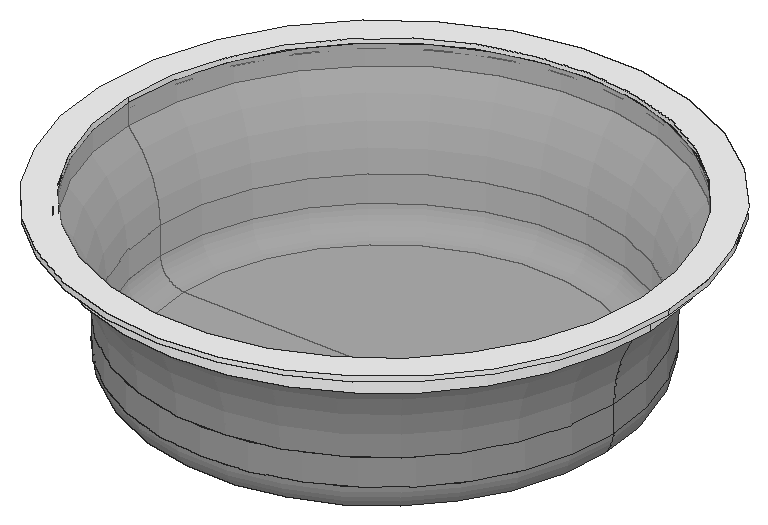
Revit family "3033949 Lighting Fixture_Sylvania_Insaver HO Topper LED II_Ceiling Recessed", category Lighting Fixtures, host Face, Revit 2017
Family settings
  Host = Face
  Round Connector Dimension = Use Diameter
  Part Type = Normal
  OmniClass Number = 23.80.70.11.17
  OmniClass Title = Specialized Lighting by Location or Use
  Cut with Voids When Loaded = No
  Light Source = Yes
  Shared = No
  Room Calculation Point = No
Parameters (values of type "Insaver HO Topper LED II 225 RO 25W NW")
  Weight = 0.65 kg
  Wattage = 27.6316 W
  built-in parameter 1150110 = 1 (stored number, unit not read)
  Voltage Comments = "UNV (Universal Voltage; 220-240 Volt)"  # constant formula
  Voltage = 230 V  # constant formula
  URL = "http://www.sylvania-lighting.com"
  Ta Rating = "-10°C to +40°C"  # constant formula
  LOR = "100 %"
  Glow Wire Test = 650 °C  # constant formula
  Electrical Protection = "Class II"  # constant formula
  Distribution type = "Direct - Symmetrical"  # constant formula
  Accessory Marerial = Metallic Paint_Sylvania_Insaver HO Topper LED_White_RAL 9003
  built-in parameter 1114217 = 1 (stored number, unit not read)
  Tilt Angle = -90°
  built-in parameter 1150109 = 1 (stored number, unit not read)
  built-in parameter 1150134 = 12
  built-in parameter 1150113 = 1 (stored number, unit not read)
  Product Page URL = "http://www.sylvania-lighting.com/product/en-int/products/3033949"
  Product Family = "INSAVER HO TOPPER LED II"  # constant formula
  Photometry Comments = ""
  Photometric Web File = "3033949_InsaverHOTopperLEDII225RO25WNW-194908.ies"
  Life = "50 000 h"  # constant formula
  Inner Radius = Inner Diameter / 2  # 110.0 mm
  IP Rating = "IP44"  # constant formula
  IK Rating = "IK07"  # constant formula
  Emit from Circle Diameter = Diffuser Diameter  # 216.0 mm
  Drive Current = "450 mA"
  Accessory Diameter = Diameter + 15.0 mm  # 240.0 mm
  Inner Diameter = Diameter - 5.0 mm  # 220.0 mm
  Diffuser Diameter = Diameter - 9.0 mm  # 216.0 mm
  Diameter = 225.0 mm
  Cutout Diameter = Diameter  # 225.0 mm
  CRI ( Ra ) = 80  # constant formula
  Body Material = Metallic Paint_Sylvania_Insaver HO Topper LED_White_RAL 9003
  Beam Angle = 74°  # constant formula
  Difuser Material = Polycarbonate_Sylvania_Insaver HO Topper LED_3000K
  Height = 65.0 mm
  built-in parameter 1114216 [instance] = 1 (stored number, unit not read)
  Model = "Insaver HO Topper LED II 225 RO 25W NW"
  Manufacturer = "Feilo Sylvania"  # constant formula
  built-in parameter 1150105 = 1336.4 (stored number, unit not read)
  Lumens = 2289 lm
  built-in parameter 1150115 = 1 (stored number, unit not read)
  built-in parameter 1150137 = (empty or 0)
  built-in parameter 1150139 = (empty or 0)
  built-in parameter 1150112 = 1 (stored number, unit not read)
  built-in parameter 1150114 = 1 (stored number, unit not read)
  Lamp Comments = "Integrated LED"  # constant formula
  Lamp = "25W"
  built-in parameter 1150132 = 2
  built-in parameter 1150102 = (empty or 0)
  built-in parameter 1150107 = 4000 (stored number, unit not read)
  built-in parameter 1150138 = (empty or 0)
  built-in parameter 1150106 = 13.364 (stored number, unit not read)
  Reflector Material = Metal_Sylvania_Insaver HO Topper LED
  Emit Shape Visible in Rendering = yes
  built-in parameter 1150104 = 7.6961 (stored number, unit not read)
  Dimming Lamp Color Temperature Shift = <None>
  Description = "Insaver HO Topper LED II is available in 4 different round cut out sizes: 150mm, 175mm, 205mm & 220mm Insaver HO Topper LED II 150 12W delivers a 1,134 lumen output (4,000K) - perfect for 1x26W CFL replacement Insaver HO Topper LED II 175 15W delivers a 1,480 lumen output (4,000K) - perfect for 1x32W/2x18W CFL replacement Insaver HO Topper LED II 205 21W delivers a 1,989 lumen output (4,000K) - perfect for 1x42W CFL replacement Insaver HO Topper LED II 225 25W delivers a 2,289 lumen output (4,000K)- perfect for 2x26W CFL replacement High efficacy up to 99lm/W (Insaver HO Topper LED II 175 4,000K) IP44 rating allows for installation in applicable wet zone areas Choice of 3,000K (warm white) or 4,000K (neutral white) Shallow recess depth of <65mm Can replace existing large CFL downlights using a 225mm ceiling cut out (Insaver HO Topper LED II 225) Energy efficient electronic gear including analogue 1-10V and DALI dimmable options IK07 polycarbonate diffuser allows for a wider light distribution than a reflector downlight, allowing for increased spacings between luminaires 3 hour emergency pack available (to be ordered in addition to the luminaire) Ideal for applications such as corridors, public WCs and back of house areas Quick and easy to install Loop in-Loop out facility with red push fit terminal block for quick wiring White bezel (RAL 9003) Energy Class: A++, A+, A Long lifetime: 50,000 hours life at L70 (L80: 30,000 hours, L90: 15,000 hours)"  # constant formula
  Default Elevation = 0.0 mm
  Color Filter = 16777215
  Catalog Number = "3033949 Insaver HO Topper LED II 225 RO 25W NW"
  built-in parameter 1140040 [instance] = 1
  built-in parameter 1114218 = 1 (stored number, unit not read)
  built-in parameter 1150133 = 10 (stored number, unit not read)
  Assembly Code = "D5020200"
  Apparent Load Comments = ""
  Apparent Load = 25 VA
Reference planes
  plane 1 "Center (Front/Back)": y = 0
  plane 2: z = 0
  plane 3 "Center (Left/Right)": x = 0
  plane 4 "Fixture Bottom": z = 2
  plane 5 "Fixture Top": z = -65
  plane 6 "Brace Top": z = -8.5
  plane 7 "Fixture Left": x = -120
  plane 8 "Fixture Right": x = 120
  plane 9 "Cutout Right": x = 112.5
  plane 10 "Cutout Left": x = -112.5
  plane 11: z = -2
Forms (mm)
  Extrusion 1, void
    sketch origin (0, 0, 59) x (-1, 0, 0) y (0, -1, 0)
      loop
        circle (0, 0) r 112.5
    from -124 to -57
  Extrusion 2, solid, material "Metallic Paint_Sylvania_Insaver HO Topper LED_White_RAL 9003" <- "Accessory Marerial", detail levels fine
    sketch origin (0, 0, 59) x (-1, 0, 0) y (0, -1, 0)
      loop
        circle (0, 0) r 120
      loop
        circle (0, 0) r 108
    from -59 to -57
  Extrusion 3, solid, material "Metallic Paint_Sylvania_Insaver HO Topper LED_White_RAL 9003" <- "Accessory Marerial", detail levels fine
    sketch origin (0, 0, 0) x (1, 0, 0) y (0, 1, 0)
      loop
        circle (0, 0) r 112.5
      loop
        circle (0, 0) r 110
    from -8.5 to 0
  Extrusion 4, solid, material "Polycarbonate_Sylvania_Insaver HO Topper LED_3000K" <- "Difuser Material", detail levels fine
    sketch origin (0, 0, 59) x (-1, 0, 0) y (0, -1, 0)
      loop
        circle (0, 0) r 108
    from -61 to -59
  Revolve 5, solid, material "Metal_Sylvania_Insaver HO Topper LED" <- "Reflector Material", detail levels fine
    sketch origin (0, 0, 0) x (1, 0, 0) y (0, 0, 1)
      loop
        line (-108, 0) -> (-110, 0) -> (-110, -8.5)
        arc (-110, -8.5) -> (-100.095, -23.868) -> (-96.627, -41.82) r 48.196
        line (-96.627, -41.82) -> (-96.627, -53)
        arc (-96.627, -53) -> (-93.113, -61.485) -> (-84.627, -65) r 12
        line (-84.627, -65) -> (0, -65) -> (0, -63) -> (-84.627, -63)
        arc (-84.627, -63) -> (-91.698, -60.071) -> (-94.627, -53) r 10
        line (-94.627, -53) -> (-94.627, -41.82)
        arc (-94.627, -41.82) -> (-98.095, -23.868) -> (-108, -8.5) r 48.196
        line (-108, -8.5) -> (-108, 0)
      axis (0, -65) -> (0, 0)
    angle from 0 to 360
  Revolve 6, solid, material "Metallic Paint_Sylvania_Insaver HO Topper LED_White_RAL 9003" <- "Body Material", detail levels coarse+medium
    sketch origin (0, 0, 0) x (1, 0, 0) y (0, 0, 1)
      loop
        line (-96.627, -41.82) -> (-96.627, -53)
        arc (-96.627, -53) -> (-93.113, -61.485) -> (-84.627, -65) r 12
        line (-84.627, -65) -> (0, -65) -> (0, 2) -> (-120, 2) -> (-120, 0) -> (-112.5, 0) -> (-112.5, -8.5) -> (-110, -8.5)
        arc (-110, -8.5) -> (-100.095, -23.868) -> (-96.627, -41.82) r 48.196
      axis (0, -65) -> (0, 2)
    angle from 0 to 360
Cuts and joins
  joined: Extrusion 2, Extrusion 3
Dimensions and locks
  plane 4 "Fixture Bottom" to plane 2 to plane 6 "Brace Top" = 2.0 mm locked, 8.5 mm locked
  "Height": plane 2 to plane 5 "Fixture Top"
  equal spacing: plane 8 "Fixture Right", plane 3 "Center (Left/Right)", plane 7 "Fixture Left"
  "Accessory Diameter": plane 8 "Fixture Right" to plane 7 "Fixture Left"
  equal spacing: plane 9 "Cutout Right", plane 3 "Center (Left/Right)", plane 10 "Cutout Left"
  "Diameter": plane 9 "Cutout Right" to plane 10 "Cutout Left"
  locked: Revolve 6 sketch curve to Revolve 6 sketch curve at 23.373
  locked: Revolve 6 sketch curve to plane 5 "Fixture Top" at 12
  locked: Revolve 5 sketch curve to plane 7 "Fixture Left" at 23.373
  "Cutout Diameter": diameter of Extrusion 1 sketch curve
  "Accessory Diameter": diameter of Extrusion 2 sketch curve
  "Diffuser Diameter": diameter of Extrusion 2 sketch curve
  "Diameter": diameter of Extrusion 3 sketch curve
  "Inner Diameter": diameter of Extrusion 3 sketch curve
  "Diffuser Diameter": diameter of Extrusion 4 sketch curve
  aligned and locked: plane 2 to host face
  aligned and locked: level to host face
  aligned and locked: plane 1 "Center (Front/Back)" to imposter light
  aligned and locked: Extrusion 2 to plane 2
  aligned and locked: plane 4 "Fixture Bottom" to Extrusion 2
  aligned and locked: plane 2 to Extrusion 3
  aligned and locked: plane 4 "Fixture Bottom" to Extrusion 1
  aligned and locked: Extrusion 1 to plane 5 "Fixture Top"
  aligned and locked: plane 3 "Center (Left/Right)" to imposter light
  aligned and locked: imposter light to plane 4 "Fixture Bottom"
  aligned and locked: Extrusion 3 to plane 6 "Brace Top"
  aligned and locked: level to Extrusion 4
  aligned and locked: plane 11 to Extrusion 4
  aligned and locked: imposter light to Revolve 5 sketch curve  (x2)
  aligned and locked: Revolve 5 sketch curve to plane 2
  aligned and locked: plane 6 "Brace Top" to Revolve 5 sketch curve
  aligned and locked: Revolve 6 sketch curve to imposter light
  aligned and locked: plane 2 to Revolve 6 sketch curve
  aligned and locked: plane 6 "Brace Top" to Revolve 6 sketch curve
  aligned and locked: plane 7 "Fixture Left" to Revolve 6 sketch curve
  aligned and locked: plane 10 "Cutout Left" to Revolve 6 sketch curve
  aligned and locked: Revolve 6 sketch curve to plane 5 "Fixture Top"
  aligned and locked: Revolve 5 sketch curve to plane 5 "Fixture Top"
Automatic sketch dimensions
  host sketch curve to host sketch curve = 1596.918 mm
  host sketch curve to host sketch curve = 1559.52 mm
  Revolve 6 sketch curve to plane 3 "Center (Left/Right)" = 0.0 mm  (x2)
  Revolve 6 sketch curve to Revolve 6 sketch curve = 2.5 mm
  plane 5 "Fixture Top" to Revolve 6 sketch curve = 23.18 mm
  Revolve 6 sketch curve to plane 5 "Fixture Top" = 19.048 mm
  plane 4 "Fixture Bottom" to Revolve 6 sketch curve = 5.837 mm
  Revolve 5 sketch curve to Revolve 5 sketch curve = 0.0 mm  (x2)
  Revolve 5 sketch curve to plane 6 "Brace Top" = 0.0 mm
  plane 10 "Cutout Left" to Revolve 5 sketch curve = 2.5 mm
  plane 5 "Fixture Top" to Revolve 5 sketch curve = 2.0 mm
  Revolve 5 sketch curve to Revolve 5 sketch curve = 2.0 mm  (x2)
  Revolve 5 sketch curve to Revolve 5 sketch curve = 10.0 mm
  plane 5 "Fixture Top" to Revolve 5 sketch curve = 23.18 mm
  Revolve 5 sketch curve to plane 5 "Fixture Top" = 19.048 mm
  plane 4 "Fixture Bottom" to Revolve 5 sketch curve = 5.837 mm
  plane 1 "Center (Front/Back)" to Extrusion 1 sketch curve = 0.0 mm
  Extrusion 1 sketch curve to plane 3 "Center (Left/Right)" = 0.0 mm
  Extrusion 2 sketch curve to Extrusion 2 sketch curve = 0.0 mm  (x2)
  plane 1 "Center (Front/Back)" to Extrusion 2 sketch curve = 0.0 mm
  Extrusion 2 sketch curve to plane 3 "Center (Left/Right)" = 0.0 mm
  Extrusion 3 sketch curve to Extrusion 3 sketch curve = 0.0 mm  (x2)
  plane 1 "Center (Front/Back)" to Extrusion 3 sketch curve = 0.0 mm
  Extrusion 3 sketch curve to plane 3 "Center (Left/Right)" = 0.0 mm
  plane 1 "Center (Front/Back)" to Extrusion 4 sketch curve = 0.0 mm
  Extrusion 4 sketch curve to plane 3 "Center (Left/Right)" = 0.0 mm
Connectors
  electrical at (0, 0, -65), driven by "Voltage", driven by "Apparent Load"
    settings: index 1, voltage 230 V, apparent load 0 VA, apparent load phase1 25 VA, apparent load phase2 0 VA, apparent load phase3 0 VA, power factor 1, load classification "Lighting", number of poles 1, system type 31, power factor state 1, is connector primary yes, connector utility no, sub classification motor no, connector description ""
